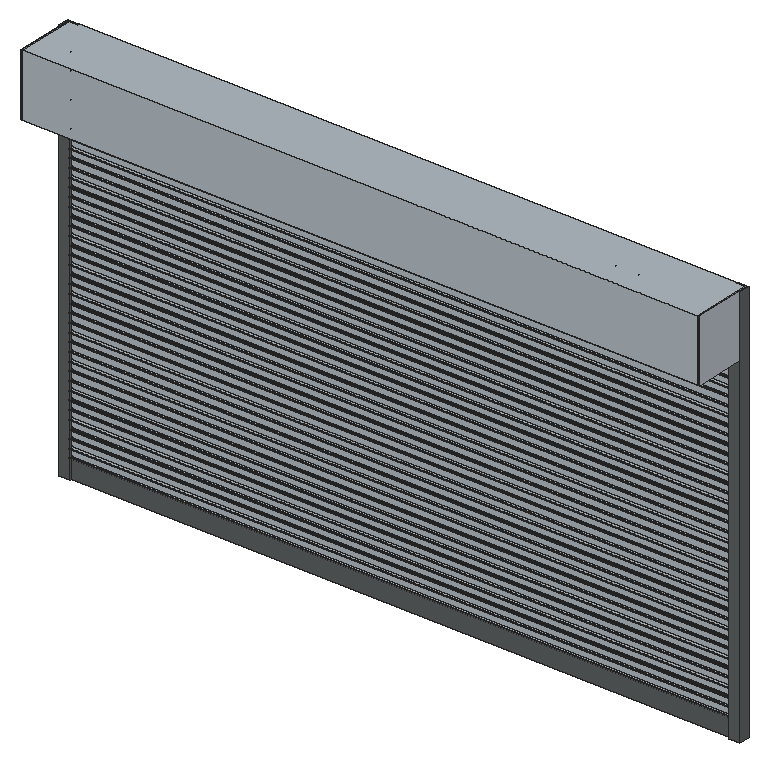
Revit family "Doors_Fire-Doors-Shutters_Wayne-Dalton_Fire-Rated-Counter-Shutters-FireStar-Model-540", category Specialty Equipment, host Wall, Revit 2026 (continued)
Definition of nested family "Motor"
  Definition of nested family "2D_NotScalableMain_29e791da-3db9-4234-ab15-44456784202b"
    Lines and regions (in)
      Masking region 3, in view "Ref. Level", visible <- "Wall Mount RMX"
        outline origin (0, 0, 0) x (1, 0, 0) y (0, 1, 0)
          loop
            arc (3.108, -2.29347) -> (3.02315, -2.25832) -> (2.988, -2.17347) r 0.12
            line (2.988, -2.17347) -> (2.988, 0.77483) -> (7.2495, 0.77483) -> (7.2495, -1.81) -> (7.52, -1.81) -> (7.52, 0.79) -> (8.82, 0.79) -> (8.82, 1.59) -> (7.52, 1.59) -> (7.52, 4.19) -> (7.2495, 4.19) -> (7.2495, 1.59) -> (3.108, 1.59) -> (3.108, 1.46193) -> (2.988, 1.46193) -> (2.988, 4.96193) -> (-2.988, 4.96193)
      reference lines, in view "Ref. Level"
        curve 1: line (0, 0, 0) -> (0, 0.125, 0)
        curve 2: line (0, 0, 0) -> (0.125, 0, 0)
      detail lines, in view "Ref. Level", visible <- "Wall Mount"
        curve 3: line (7.2495, 4.19, 0) -> (7.2495, -1.81, 0)
        curve 4: line (7.52, 4.19, 0) -> (7.52, -1.81, 0)
        curve 5: line (-4.134, -2.29347, 0) -> (-4.134, -5.05565, 0)
        curve 6: line (4.116, -2.29347, 0) -> (4.116, -5.05565, 0)
        curve 7: line (-4.134, -2.41307, 0) -> (4.116, -2.41307, 0)
        curve 8: line (4.116, -2.29347, 0) -> (3.108, -2.29347, 0)
        curve 9: line (2.988, -2.17347, 0) -> (2.988, 4.96193, 0)
        curve 10: line (2.988, 4.96193, 0) -> (-2.988, 4.96193, 0)
        curve 11: line (-2.988, 4.96193, 0) -> (-2.988, -2.17347, 0)
        curve 12: arc (-2.988, -2.17347, 0) -> (-3.02315, -2.25832, 0) -> (-3.108, -2.29347, 0) r 0.12
        curve 13: arc (3.108, -2.29347, 0) -> (3.02315, -2.25832, 0) -> (2.988, -2.17347, 0) r 0.12
        curve 21: line (-4.134, -2.29347, 0) -> (-3.108, -2.29347, 0)
      detail lines, in view "Ref. Level", not visible
        curve 14: line (4.57, -3.22517, 0) -> (4.57, 0.77483, 0)
        curve 15: line (4.799, -1.27241, 0) -> (4.799, 0.77483, 0)
      detail lines, in view "Ref. Level", visible <- "Wall Mount RSX"
        curve 16: line (5.199, -0.84111, 0) -> (5.199, 0.77483, 0)
        curve 17: line (-4.5757, -3.22517, 0) -> (-4.5757, 3.22517, 0)
        curve 18: line (-5.42825, -1.86661, 0) -> (-5.42825, 1.86661, 0)
        curve 19: line (-5.5274, 1.76746, 0) -> (-5.5274, -1.76746, 0)
        curve 20: line (-5.7485, -0.96741, 0) -> (-5.7485, 0.96741, 0)
        curve 22: line (5.199, 0.77483, 0) -> (2.988, 0.77483, 0)
        curve 23: line (4.57, 1.59, 0) -> (3.108, 1.59, 0)
        curve 24: line (-4.5757, -3.22517, 0) -> (-4.5757, 3.22517, 0)
        curve 25: line (-5.42825, 1.86661, 0) -> (-5.42825, -1.86661, 0)
        curve 26: line (-5.5274, 1.76746, 0) -> (-5.5274, -1.76746, 0)
        curve 27: line (-5.7485, -0.96741, 0) -> (-5.7485, 0.96741, 0)
        curve 28: line (4.57, 3.22517, 0) -> (4.57, 1.59, 0)
        curve 29: line (4.799, 0.77483, 0) -> (4.799, -1.22759, 0)
    Dimensions and locks (in)
      curve 1 to curve 1 = 1/8"
      curve 2 to curve 2 = 1/8"
      aligned and locked: plane 1 "Center (Front/Back)" to curve 1
      aligned and locked: plane 3 "Center (Left/Right)" to curve 1
      aligned and locked: plane 1 "Center (Front/Back)" to curve 2
Definition of nested family "Label Annotation 1"
  Parameters (values of type "Label Annotation 1-8")
    Label = "Area is too big. Please reduce Door Size."
  Reference planes (in)
    plane 1: y = 0
    plane 2: x = 0
  Text (in)
    label "Label" at (0.00375, -0.00345, 0), shows "Label"
Definition of nested family "Warning Sign"
  Parameters (values of type "Warning Sign")
    Warning Sign [instance] = no
    Default Elevation = 48"
  Reference planes (in)
    plane 1 "Center (Front/Back)": y = 0
    plane 2: z = 0
    plane 3 "Center (Left/Right)": x = 0
    plane 4: y = 0.5
    plane 5: y = -0.5
    plane 6: y = 1
    plane 7: y = 0.25
  Lines and regions (in)
    model lines
      curve 1: line (-1.76418, 1, 20.77727) -> (-20.66156, 1, -11.95396)
      curve 2: line (-19.77575, 1, -12.46538) -> (-0.87837, 1, 20.26584)
      curve 3: arc (1.77908, 1, 20.77727) -> (0.00745, 1, 21.80012) -> (-1.76418, 1, 20.77727) r 2.0457
      curve 4: arc (-0.87837, 1, 20.26584) -> (0.00745, 1, 20.77727) -> (0.89326, 1, 20.26584) r 1.02285
      curve 5: line (0.89326, 1, 20.26584) -> (19.79064, 1, -12.46538)
      curve 6: line (20.67646, 1, -11.95396) -> (1.77908, 1, 20.77727)
      curve 7: arc (19.79064, 1, -12.46538) -> (19.79064, 1, -13.48823) -> (18.90483, 1, -13.99966) r 1.02285
      curve 8: arc (18.90483, 1, -15.02251) -> (20.67646, 1, -13.99966) -> (20.67646, 1, -11.95396) r 2.0457
      curve 9: line (18.90483, 1, -13.99966) -> (-18.88993, 1, -13.99966)
      curve 10: line (-18.88993, 1, -15.02251) -> (18.90483, 1, -15.02251)
      curve 11: arc (-18.88993, 1, -13.99966) -> (-19.77575, 1, -13.48823) -> (-19.77575, 1, -12.46538) r 1.02285
      curve 12: arc (-20.66156, 1, -11.95396) -> (-20.66156, 1, -13.99966) -> (-18.88993, 1, -15.02251) r 2.0457
      curve 13: arc (-1.79043, 1, -8.25704) -> (0.00745, 1, -10.05492) -> (1.80533, 1, -8.25704) r 1.79788
      curve 14: arc (1.80533, 1, -8.25704) -> (0.00745, 1, -6.45916) -> (-1.79043, 1, -8.25704) r 1.79788
      curve 15: arc (-1.27202, 1, -4.07703) -> (0.03439, 1, -5.20006) -> (1.33368, 1, -4.06879) r 1.31655
      curve 16: line (-2.94943, 1, 7.21109) -> (-1.27202, 1, -4.07703)
      curve 17: line (1.33368, 1, -4.06879) -> (2.93699, 1, 7.21109)
      curve 18: arc (2.93699, 1, 7.21109) -> (-0.00622, 1, 10.1543) -> (-2.94943, 1, 7.21109) r 2.94321
      curve 19: line (-1.76418, -0.5, 20.77727) -> (-20.66156, -0.5, -11.95396)
      curve 20: line (-19.77575, -0.5, -12.46538) -> (-0.87837, -0.5, 20.26584)
      curve 21: arc (1.77908, -0.5, 20.77727) -> (0.00745, -0.5, 21.80012) -> (-1.76418, -0.5, 20.77727) r 2.0457
      curve 22: arc (-0.87837, -0.5, 20.26584) -> (0.00745, -0.5, 20.77727) -> (0.89326, -0.5, 20.26584) r 1.02285
      curve 23: line (0.89326, -0.5, 20.26584) -> (19.79064, -0.5, -12.46538)
      curve 24: line (20.67646, -0.5, -11.95396) -> (1.77908, -0.5, 20.77727)
      curve 25: arc (19.79064, -0.5, -12.46538) -> (19.79064, -0.5, -13.48823) -> (18.90483, -0.5, -13.99966) r 1.02285
      curve 26: arc (18.90483, -0.5, -15.02251) -> (20.67646, -0.5, -13.99966) -> (20.67646, -0.5, -11.95396) r 2.0457
      curve 27: line (18.90483, -0.5, -13.99966) -> (-18.88993, -0.5, -13.99966)
      curve 28: line (-18.88993, -0.5, -15.02251) -> (18.90483, -0.5, -15.02251)
      curve 29: arc (-18.88993, -0.5, -13.99966) -> (-19.77575, -0.5, -13.48823) -> (-19.77575, -0.5, -12.46538) r 1.02285
      curve 30: arc (-20.66156, -0.5, -11.95396) -> (-20.66156, -0.5, -13.99966) -> (-18.88993, -0.5, -15.02251) r 2.0457
      curve 31: arc (-1.79043, -0.5, -8.25704) -> (0.00745, -0.5, -10.05492) -> (1.80533, -0.5, -8.25704) r 1.79788
      curve 32: arc (1.80533, -0.5, -8.25704) -> (0.00745, -0.5, -6.45916) -> (-1.79043, -0.5, -8.25704) r 1.79788
      curve 33: arc (-1.27202, -0.5, -4.07703) -> (0.03439, -0.5, -5.20006) -> (1.33368, -0.5, -4.06879) r 1.31655
      curve 34: line (-2.94943, -0.5, 7.21109) -> (-1.27202, -0.5, -4.07703)
      curve 35: line (1.33368, -0.5, -4.06879) -> (2.93699, -0.5, 7.21109)
      curve 36: arc (2.93699, -0.5, 7.21109) -> (-0.00622, -0.5, 10.1543) -> (-2.94943, -0.5, 7.21109) r 2.94321
  Dimensions and locks (in)
    locked: plane 1 "Center (Front/Back)" to plane 4 at 0.5
    equal spacing: plane 1 "Center (Front/Back)", plane 7, plane 4
    locked: plane 4 to plane 6 at 0.5
    locked: plane 5 to plane 1 "Center (Front/Back)" at 0.5
    aligned and locked: plane 2 to level
  Automatic sketch dimensions
    curve 21 to curve 22 = 0"  (x2)
    curve 25 to curve 26 = 0"  (x2)
    curve 29 to curve 30 = 0"  (x2)
    curve 31 to curve 32 = 0"  (x2)
    curve 19 to plane 3 "Center (Left/Right)" = 1.76418"
    level to curve 19 = 20.77727"
    plane 3 "Center (Left/Right)" to curve 24 = 1.77908"
    curve 24 to curve 21 = 0"
    curve 20 to plane 3 "Center (Left/Right)" = 0.87837"
    curve 21 to curve 20 = 0.51143"
    plane 3 "Center (Left/Right)" to curve 23 = 0.89326"
    curve 23 to curve 21 = 0.51143"
    plane 3 "Center (Left/Right)" to curve 35 = 2.93699"
    level to curve 35 = 7.21109"
    plane 3 "Center (Left/Right)" to curve 33 = 0.03023"
    curve 33 to level = 3.88352"
    curve 35 to level = 4.06879"
    curve 34 to level = 4.07703"
    plane 3 "Center (Left/Right)" to curve 31 = 0.00745"
    curve 31 to level = 8.25704"
    curve 19 to level = 11.95396"
    curve 24 to level = 11.95396"
    curve 30 to curve 20 = 0.51143"
    curve 26 to curve 23 = 0.51143"
    curve 29 to curve 30 = 0.51143"
    curve 25 to curve 25 = 0.51143"
    curve 30 to curve 27 = 1.02285"
    curve 29 to curve 28 = 1.02285"
    curve 34 to plane 3 "Center (Left/Right)" = 2.94943"
    curve 30 to plane 3 "Center (Left/Right)" = 18.88993"
    curve 34 to plane 3 "Center (Left/Right)" = 1.27202"
    plane 3 "Center (Left/Right)" to curve 25 = 18.90483"
    curve 31 to plane 3 "Center (Left/Right)" = 1.79043"
    curve 3 to curve 4 = 0"  (x2)
    curve 7 to curve 8 = 0"  (x2)
    curve 11 to curve 12 = 0"  (x2)
    curve 13 to curve 14 = 0"  (x2)
    curve 1 to plane 3 "Center (Left/Right)" = 1.76418"
    level to curve 1 = 20.77727"
    plane 3 "Center (Left/Right)" to curve 6 = 1.77908"
    curve 6 to curve 3 = 0"
    curve 2 to plane 3 "Center (Left/Right)" = 0.87837"
    curve 3 to curve 2 = 0.51143"
    plane 3 "Center (Left/Right)" to curve 5 = 0.89326"
    curve 5 to curve 3 = 0.51143"
    plane 3 "Center (Left/Right)" to curve 17 = 2.93699"
    level to curve 17 = 7.21109"
    plane 3 "Center (Left/Right)" to curve 15 = 0.03023"
    curve 15 to level = 3.88352"
    curve 17 to level = 4.06879"
    curve 16 to level = 4.07703"
    plane 3 "Center (Left/Right)" to curve 13 = 0.00745"
    curve 13 to level = 8.25704"
    curve 1 to level = 11.95396"
    curve 6 to level = 11.95396"
    curve 12 to curve 2 = 0.51143"
    curve 8 to curve 5 = 0.51143"
    curve 11 to curve 12 = 0.51143"
    curve 7 to curve 7 = 0.51143"
    curve 12 to curve 9 = 1.02285"
    curve 11 to curve 10 = 1.02285"
    curve 16 to plane 3 "Center (Left/Right)" = 2.94943"
    curve 12 to plane 3 "Center (Left/Right)" = 18.88993"
    curve 16 to plane 3 "Center (Left/Right)" = 1.27202"
    plane 3 "Center (Left/Right)" to curve 7 = 18.90483"
    curve 13 to plane 3 "Center (Left/Right)" = 1.79043"
Types (9): name | Voltage | Side Room Right | Operator Visibility | Number of Poles | Lookup BD | Hood Height | Lookup HH | Headroom Height Real | Headroom Height | Frequency | Floor To CL shaft | Electric Operator | Door Height True | Floor To (CL) of Shaft | Crank | Manual | Current | Backroom Depth | Apparent Load Phase 3 | Apparent Load Phase 2 | Apparent Load Phase 1
  115 volts, one phase, 60 Hz (110-120V range) | 115 V | 8" | yes | 1 | 13 1/8" | 13 1/2" | 13 1/2" | 16 1/2" | 16 1/2" | 60 Hz | 69 3/4" | yes | 136 1/2" | 105 3/4" | no | no | 20 A | 13 1/8" | 0 VA | 0 VA | 2300 VA
  ‏​Manual push-up | 0 V | 3" | no | 1 | 11 1/8" | 11 1/2" | 11 1/2" | 14 1/2" | 14 1/2" | 0 Hz | 68 3/4" | no | 134 1/2" | 104 3/4" | no | yes | 0 A | 11 1/8" | 0 VA | 0 VA | 0 VA
  230 volts, three phase, 60 Hz (208-245V range) | 230 V | 8" | yes | 3 | 13 1/8" | 13 1/2" | 13 1/2" | 16 1/2" | 16 1/2" | 60 Hz | 69 3/4" | yes | 136 1/2" | 105 3/4" | no | no | 20 A | 13 1/8" | 2655.81 VA | 2655.81 VA | 2655.81 VA
  230 volts, one phase, 60 Hz (208-245V range) | 230 V | 8" | yes | 1 | 13 1/8" | 13 1/2" | 13 1/2" | 16 1/2" | 16 1/2" | 60 Hz | 69 3/4" | yes | 136 1/2" | 105 3/4" | no | no | 20 A | 13 1/8" | 0 VA | 0 VA | 4600 VA
  460 volts, three phase, 60 Hz (456-495V range) | 460 V | 8" | yes | 3 | 13 1/8" | 13 1/2" | 13 1/2" | 16 1/2" | 16 1/2" | 60 Hz | 69 3/4" | yes | 136 1/2" | 105 3/4" | no | no | 20 A | 13 1/8" | 5311.62 VA | 5311.62 VA | 5311.62 VA
  208 volts, one phase, 60 Hz (190-207V range) | 208 V | 8" | yes | 1 | 13 1/8" | 13 1/2" | 13 1/2" | 16 1/2" | 16 1/2" | 60 Hz | 69 3/4" | yes | 136 1/2" | 105 3/4" | no | no | 20 A | 13 1/8" | 0 VA | 0 VA | 4160 VA
  208 volts, three phase, 60 Hz (190-207V range) | 208 V | 8" | yes | 3 | 13 1/8" | 13 1/2" | 13 1/2" | 16 1/2" | 16 1/2" | 60 Hz | 69 3/4" | yes | 136 1/2" | 105 3/4" | no | no | 20 A | 13 1/8" | 2401.78 VA | 2401.78 VA | 2401.78 VA
  575 volts, three phase, 60 Hz | 575 V | 8" | yes | 3 | 13 1/8" | 13 1/2" | 13 1/2" | 16 1/2" | 16 1/2" | 60 Hz | 69 3/4" | yes | 136 1/2" | 105 3/4" | no | no | 20 A | 13 1/8" | 6639.53 VA | 6639.53 VA | 6639.53 VA
  Manual crank | 0 V | 5" | yes | 1 | 9 1/8" | 9 1/2" | 9 1/2" | 12 1/2" | 12 1/2" | 0 Hz | 67 3/4" | no | 132 1/2" | 103 3/4" | yes | no | 0 A | 9 1/8" | 0 VA | 0 VA | 0 VA
